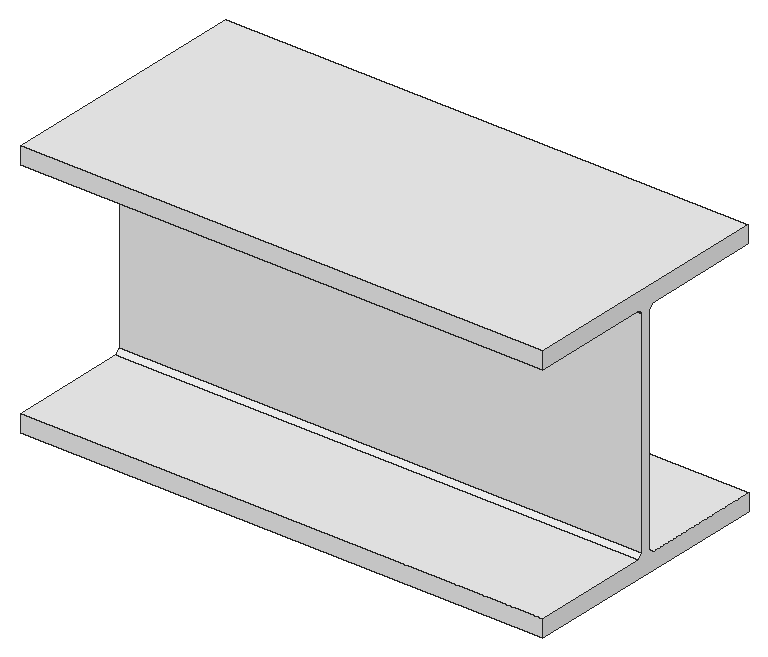
Revit family "M_FES-Flange extensa soldada", category Quadro estrutural, Revit 2019
Family settings
  Arredondamento do comprimento do framing estrutural = 0 mm
  Forma do corte = Não definido
  Material para o comportamento do modelo = Aço
  Exportar sempre como geometria = Não
  Número OmniClass = 23.25.30.11.14.14
  Título OmniClass = Beams
  ID de item do Seek = WWF-Welded Wide Flange-0000-CAN-ENU
  Sempre na vertical = Sim
  Corte com vazios quando carregada = Não
  Representação simbólica = Das configurações de projeto
  Compartilhado = Não
  Exibir o pré-corte da família na vista da planta = Sim
Parameters (values of type "WWF600x460")
  W = 4.51
  Structural Material [instance] = Aço, 45-345
  Assembly Code = ""
  Length [instance] = 1524 mm
  bf = 600 mm
  d = 600 mm
  k = 20 mm
  tf = 40 mm
  tw = 20 mm
  A = 0.059 m²
Reference planes
  plane 1 "Centro (Frente/Trás)": y = 0
  plane 2: z = 0
  plane 3 "Centro (Esquerda/Direita)": x = 4.61
  plane 4 "Membro esquerdo": x = -604.99
  plane 5 "Membro direito": x = 614.21
  plane 6: y = 300
  plane 7: y = -300
  plane 8 "Superior": z = 300
  plane 9: z = -300
  plane 10 "Esquerda": x = -757.39
  plane 11 "Direita": x = 766.61
Forms (mm)
  Sweep 1, solid, material "Aço, 45-345" <- "Structural Material", detail levels medium
    path origin (0, 0, 0) x (1, 0, 0) y (0, 1, 0)
      loop
        line (614.21, 0) -> (-604.99, 0)
    profile "M_WWF-Flange extensa-Perfil-Médio : M_WWF-Flange extensa-Perfil-Médio" origin (4.61, 0, 0) x (0, -1, 0) y (0, 0, 1)
      loop
        line (-300, -300) -> (300, -300) -> (300, -260) -> (10, -260) -> (10, 260) -> (300, 260) -> (300, 300) -> (-300, 300) -> (-300, 260) -> (-10, 260) -> (-10, -260) -> (-300, -260) -> (-300, -300)
  Sweep 2, solid, material "Aço, 45-345" <- "Structural Material", detail levels fine
    path origin (0, 0, 0) x (1, 0, 0) y (0, 1, 0)
      loop
        line (614.21, 0) -> (-604.99, 0)
    profile "M_WWF-Flange extensa-Perfil-Alto : M_WWF-Flange extensa-Perfil-Alto" origin (4.61, 0, 0) x (0, -1, 0) y (0, 0, 1)
      loop
        line (-300, -300) -> (300, -300) -> (300, -260) -> (20, -260) -> (10, -250) -> (10, 250) -> (20, 260) -> (300, 260) -> (300, 300) -> (-300, 300) -> (-300, 260) -> (-20, 260) -> (-10, 250) -> (-10, -250) -> (-20, -260) -> (-300, -260) -> (-300, -300)
Lines and regions (mm)
  symbolic lines, style "Faces ocultas", detail levels medium+fine
    curve 1: line (614.21, -10, 0) -> (-604.99, -10, 0)
    curve 2: line (614.21, 10, 0) -> (-604.99, 10, 0)
  symbolic lines, style "Símbolos de vara", detail levels coarse
    curve 3: line (4.61, 300, 300) -> (4.61, -300, 300)
    curve 4: line (4.61, -300, -300) -> (4.61, 300, -300)
    curve 5: line (4.61, 0, 300) -> (4.61, 0, -300)
Dimensions and locks
  "bf": plane 6 to plane 7
  "d": plane 9 to plane 8 "Superior"
  equal spacing: plane 9, plane 2, plane 8 "Superior"
  equal spacing: plane 6, plane 1 "Centro (Frente/Trás)", plane 7
  "Length": plane 10 "Esquerda" to plane 11 "Direita"
  "tw": curve 2 to curve 1
  equal spacing: curve 2, plane 1 "Centro (Frente/Trás)", curve 1
  aligned and locked: Sweep 1 sketch curve to plane 1 "Centro (Frente/Trás)"
  aligned and locked: Sweep 2 sketch curve to plane 1 "Centro (Frente/Trás)"
  aligned and locked: Sweep 2 to curve 3  (x2)
  aligned and locked: Sweep 2 to curve 4  (x2)
  aligned and locked: curve 3 to Sweep 2
  aligned and locked: curve 4 to Sweep 2
  aligned and locked: plane 4 "Membro esquerdo" to Sweep 2 sketch curve
  aligned and locked: plane 5 "Membro direito" to Sweep 2 sketch curve
  aligned and locked: plane 4 "Membro esquerdo" to Sweep 1 sketch curve
  aligned and locked: plane 5 "Membro direito" to Sweep 1 sketch curve
  aligned and locked: plane 4 "Membro esquerdo" to curve 2
  aligned and locked: plane 4 "Membro esquerdo" to curve 1
  aligned and locked: plane 5 "Membro direito" to curve 2
  aligned and locked: plane 5 "Membro direito" to curve 1
Automatic sketch dimensions
  curve 5 to plane 1 "Centro (Frente/Trás)" = 0 mm
Types in the file's own list only (106): name | W | bf | d | k | tf | tw | A
  WWF2000x732 | 7.17 | 550 mm | 2000 mm | 20 mm | 50 mm | 20 mm | 0.09 m²
  WWF2000x648 | 6.36 | 550 mm | 2000 mm | 20 mm | 40 mm | 20 mm | 0.08 m²
  WWF2000x607 | 5.95 | 550 mm | 2000 mm | 20 mm | 35 mm | 20 mm | 0.08 m²
  WWF2000x542 | 5.31 | 500 mm | 2000 mm | 20 mm | 30 mm | 20 mm | 0.07 m²
  WWF1800x700 | 6.87 | 550 mm | 1800 mm | 20 mm | 50 mm | 20 mm | 0.09 m²
  WWF1800x659 | 6.46 | 550 mm | 1800 mm | 20 mm | 45 mm | 20 mm | 0.08 m²
  WWF1800x617 | 6.05 | 550 mm | 1800 mm | 20 mm | 40 mm | 20 mm | 0.08 m²
  WWF1800x575 | 5.64 | 550 mm | 1800 mm | 20 mm | 35 mm | 20 mm | 0.07 m²
  WWF1800x510 | 5 | 500 mm | 1800 mm | 20 mm | 30 mm | 20 mm | 0.07 m²
  WWF1600x622 | 6.1 | 550 mm | 1600 mm | 18 mm | 50 mm | 16 mm | 0.08 m²
  WWF1600x580 | 5.68 | 550 mm | 1600 mm | 18 mm | 45 mm | 16 mm | 0.07 m²
  WWF1600x538 | 5.27 | 550 mm | 1600 mm | 18 mm | 40 mm | 16 mm | 0.07 m²
  WWF1600x496 | 4.86 | 550 mm | 1600 mm | 16 mm | 35 mm | 16 mm | 0.06 m²
  WWF1600x431 | 4.22 | 500 mm | 1600 mm | 16 mm | 30 mm | 16 mm | 0.05 m²
  WWF1400x597 | 5.85 | 550 mm | 1400 mm | 18 mm | 50 mm | 16 mm | 0.08 m²
  WWF1400x513 | 5.03 | 550 mm | 1400 mm | 18 mm | 40 mm | 16 mm | 0.07 m²
  WWF1400x471 | 4.61 | 550 mm | 1400 mm | 16 mm | 35 mm | 16 mm | 0.06 m²
  WWF1400x405 | 3.97 | 500 mm | 1400 mm | 16 mm | 30 mm | 16 mm | 0.05 m²
  WWF1400x358 | 3.51 | 400 mm | 1400 mm | 16 mm | 30 mm | 16 mm | 0.05 m²
  WWF1200x487 | 4.78 | 550 mm | 1200 mm | 18 mm | 40 mm | 16 mm | 0.06 m²
  WWF1200x418 | 4.1 | 500 mm | 1200 mm | 16 mm | 35 mm | 16 mm | 0.05 m²
  WWF1200x380 | 3.72 | 500 mm | 1200 mm | 16 mm | 30 mm | 16 mm | 0.05 m²
  WWF1200x333 | 3.26 | 400 mm | 1200 mm | 16 mm | 30 mm | 16 mm | 0.04 m²
  WWF1200x302 | 2.97 | 400 mm | 1200 mm | 16 mm | 25 mm | 16 mm | 0.04 m²
  WWF1200x263 | 2.58 | 300 mm | 1200 mm | 16 mm | 25 mm | 16 mm | 0.03 m²
  WWF1100x458 | 4.5 | 550 mm | 1100 mm | 17 mm | 40 mm | 14 mm | 0.06 m²
  WWF1100x388 | 3.81 | 500 mm | 1100 mm | 15 mm | 35 mm | 14 mm | 0.05 m²
  WWF1100x351 | 3.44 | 500 mm | 1100 mm | 15 mm | 30 mm | 14 mm | 0.04 m²
  WWF1100x304 | 2.98 | 400 mm | 1100 mm | 15 mm | 30 mm | 14 mm | 0.04 m²
  WWF1100x273 | 2.68 | 400 mm | 1100 mm | 15 mm | 25 mm | 14 mm | 0.03 m²
  WWF1100x234 | 2.3 | 300 mm | 1100 mm | 15 mm | 25 mm | 14 mm | 0.03 m²
  WWF1000x447 | 4.39 | 550 mm | 1000 mm | 17 mm | 40 mm | 14 mm | 0.06 m²
  WWF1000x377 | 3.71 | 500 mm | 1000 mm | 15 mm | 35 mm | 14 mm | 0.05 m²
  WWF1000x340 | 3.33 | 500 mm | 1000 mm | 15 mm | 30 mm | 14 mm | 0.04 m²
  WWF1000x293 | 2.87 | 400 mm | 1000 mm | 15 mm | 30 mm | 14 mm | 0.04 m²
  WWF1000x262 | 2.57 | 400 mm | 1000 mm | 15 mm | 25 mm | 14 mm | 0.03 m²
  WWF1000x223 | 2.19 | 300 mm | 1000 mm | 15 mm | 25 mm | 14 mm | 0.03 m²
  WWF1000x200 | 1.97 | 300 mm | 1000 mm | 15 mm | 20 mm | 14 mm | 0.03 m²
  WWF900x417 | 4.1 | 550 mm | 900 mm | 16 mm | 40 mm | 11 mm | 0.05 m²
  WWF900x347 | 3.41 | 500 mm | 900 mm | 14 mm | 35 mm | 11 mm | 0.04 m²
  WWF900x309 | 3.03 | 500 mm | 900 mm | 14 mm | 30 mm | 11 mm | 0.04 m²
  WWF900x262 | 2.57 | 400 mm | 900 mm | 14 mm | 30 mm | 11 mm | 0.03 m²
  WWF900x231 | 2.27 | 400 mm | 900 mm | 14 mm | 25 mm | 11 mm | 0.03 m²
  WWF900x192 | 1.88 | 300 mm | 900 mm | 14 mm | 25 mm | 11 mm | 0.02 m²
  WWF900x169 | 1.66 | 300 mm | 900 mm | 14 mm | 20 mm | 11 mm | 0.02 m²
  WWF800x339 | 3.32 | 500 mm | 800 mm | 14 mm | 35 mm | 11 mm | 0.04 m²
  WWF800x300 | 2.95 | 500 mm | 800 mm | 14 mm | 30 mm | 11 mm | 0.04 m²
  WWF800x253 | 2.48 | 400 mm | 800 mm | 14 mm | 30 mm | 11 mm | 0.03 m²
  WWF800x223 | 2.18 | 400 mm | 800 mm | 14 mm | 25 mm | 11 mm | 0.03 m²
  WWF800x184 | 1.8 | 300 mm | 800 mm | 14 mm | 25 mm | 11 mm | 0.02 m²
  WWF800x161 | 1.58 | 300 mm | 800 mm | 14 mm | 20 mm | 11 mm | 0.02 m²
  WWF700x245 | 2.4 | 400 mm | 700 mm | 14 mm | 30 mm | 11 mm | 0.03 m²
  WWF700x214 | 2.1 | 400 mm | 700 mm | 14 mm | 25 mm | 11 mm | 0.03 m²
  WWF700x196 | 1.92 | 400 mm | 700 mm | 14 mm | 22 mm | 11 mm | 0.02 m²
  WWF700x175 | 1.71 | 300 mm | 700 mm | 14 mm | 25 mm | 11 mm | 0.02 m²
  WWF700x152 | 1.49 | 300 mm | 700 mm | 14 mm | 20 mm | 11 mm | 0.02 m²
  WWF650x864 | 8.47 | 650 mm | 650 mm | 40 mm | 60 mm | 60 mm | 0.11 m²
  WWF650x739 | 7.24 | 650 mm | 650 mm | 25 mm | 60 mm | 30 mm | 0.09 m²
  WWF650x598 | 5.86 | 650 mm | 650 mm | 20 mm | 50 mm | 20 mm | 0.08 m²
  WWF650x499 | 4.89 | 650 mm | 650 mm | 20 mm | 40 mm | 20 mm | 0.06 m²
  WWF650x400 | 3.92 | 650 mm | 650 mm | 20 mm | 30 mm | 20 mm | 0.05 m²
  WWF600x793 | 7.77 | 600 mm | 600 mm | 40 mm | 60 mm | 60 mm | 0.10 m²
  WWF600x680 | 6.67 | 600 mm | 600 mm | 25 mm | 60 mm | 30 mm | 0.09 m²
  WWF600x551 | 5.4 | 600 mm | 600 mm | 20 mm | 50 mm | 20 mm | 0.07 m²
  WWF600x369 | 3.62 | 600 mm | 600 mm | 20 mm | 30 mm | 20 mm | 0.05 m²
  WWF550x721 | 7.08 | 550 mm | 550 mm | 40 mm | 60 mm | 60 mm | 0.09 m²
  WWF550x620 | 6.09 | 550 mm | 550 mm | 25 mm | 60 mm | 30 mm | 0.08 m²
  WWF550x503 | 4.94 | 550 mm | 550 mm | 20 mm | 50 mm | 20 mm | 0.06 m²
  WWF550x420 | 4.12 | 550 mm | 550 mm | 20 mm | 40 mm | 20 mm | 0.05 m²
  WWF550x280 | 2.74 | 550 mm | 550 mm | 16 mm | 25 mm | 16 mm | 0.04 m²
  WWF500x651 | 6.39 | 500 mm | 500 mm | 40 mm | 60 mm | 60 mm | 0.08 m²
  WWF500x561 | 5.51 | 500 mm | 500 mm | 25 mm | 60 mm | 30 mm | 0.07 m²
  WWF500x456 | 4.48 | 500 mm | 500 mm | 20 mm | 50 mm | 20 mm | 0.06 m²
  WWF500x381 | 3.74 | 500 mm | 500 mm | 20 mm | 40 mm | 20 mm | 0.05 m²
  WWF500x343 | 3.37 | 500 mm | 500 mm | 20 mm | 35 mm | 20 mm | 0.04 m²
  WWF500x306 | 3 | 500 mm | 500 mm | 20 mm | 30 mm | 20 mm | 0.04 m²
  WWF500x276 | 2.71 | 500 mm | 500 mm | 16 mm | 28 mm | 16 mm | 0.04 m²
  WWF500x254 | 2.49 | 500 mm | 500 mm | 16 mm | 25 mm | 16 mm | 0.03 m²
  WWF500x223 | 2.19 | 500 mm | 500 mm | 15 mm | 22 mm | 14 mm | 0.03 m²
  WWF500x197 | 1.94 | 500 mm | 500 mm | 14 mm | 20 mm | 11 mm | 0.03 m²
  WWF450x503 | 4.93 | 450 mm | 450 mm | 25 mm | 60 mm | 30 mm | 0.06 m²
  WWF450x409 | 4.02 | 450 mm | 450 mm | 20 mm | 50 mm | 20 mm | 0.05 m²
  WWF450x342 | 3.36 | 450 mm | 450 mm | 20 mm | 40 mm | 20 mm | 0.04 m²
  WWF450x308 | 3.02 | 450 mm | 450 mm | 20 mm | 35 mm | 20 mm | 0.04 m²
  WWF450x274 | 2.69 | 450 mm | 450 mm | 20 mm | 30 mm | 20 mm | 0.04 m²
  WWF450x248 | 2.43 | 450 mm | 450 mm | 16 mm | 28 mm | 16 mm | 0.03 m²
  WWF450x228 | 2.23 | 450 mm | 450 mm | 16 mm | 25 mm | 16 mm | 0.03 m²
  WWF450x201 | 1.97 | 450 mm | 450 mm | 15 mm | 22 mm | 14 mm | 0.03 m²
  WWF450x177 | 1.74 | 450 mm | 450 mm | 14 mm | 20 mm | 11 mm | 0.02 m²
  WWF400x444 | 4.36 | 400 mm | 400 mm | 25 mm | 60 mm | 30 mm | 0.06 m²
  WWF400x362 | 3.56 | 400 mm | 400 mm | 20 mm | 50 mm | 20 mm | 0.05 m²
  WWF400x303 | 2.97 | 400 mm | 400 mm | 20 mm | 40 mm | 20 mm | 0.04 m²
  WWF400x273 | 2.68 | 400 mm | 400 mm | 20 mm | 35 mm | 20 mm | 0.03 m²
  WWF400x243 | 2.39 | 400 mm | 400 mm | 20 mm | 30 mm | 20 mm | 0.03 m²
  WWF400x220 | 2.16 | 400 mm | 400 mm | 16 mm | 28 mm | 16 mm | 0.03 m²
  WWF400x202 | 1.98 | 400 mm | 400 mm | 16 mm | 25 mm | 16 mm | 0.03 m²
  WWF400x178 | 1.75 | 400 mm | 400 mm | 15 mm | 22 mm | 14 mm | 0.02 m²
  WWF400x157 | 1.55 | 400 mm | 400 mm | 14 mm | 20 mm | 11 mm | 0.02 m²
  WWF350x315 | 3.09 | 350 mm | 350 mm | 20 mm | 50 mm | 20 mm | 0.04 m²
  WWF350x263 | 2.59 | 350 mm | 350 mm | 20 mm | 40 mm | 20 mm | 0.03 m²
  WWF350x238 | 2.33 | 350 mm | 350 mm | 20 mm | 35 mm | 20 mm | 0.03 m²
  WWF350x212 | 2.08 | 350 mm | 350 mm | 20 mm | 30 mm | 20 mm | 0.03 m²
  WWF350x192 | 1.88 | 350 mm | 350 mm | 16 mm | 28 mm | 16 mm | 0.02 m²
  WWF350x176 | 1.73 | 350 mm | 350 mm | 16 mm | 25 mm | 16 mm | 0.02 m²
  WWF350x155 | 1.52 | 350 mm | 350 mm | 15 mm | 22 mm | 14 mm | 0.02 m²
  WWF350x137 | 1.35 | 350 mm | 350 mm | 14 mm | 20 mm | 11 mm | 0.02 m²
